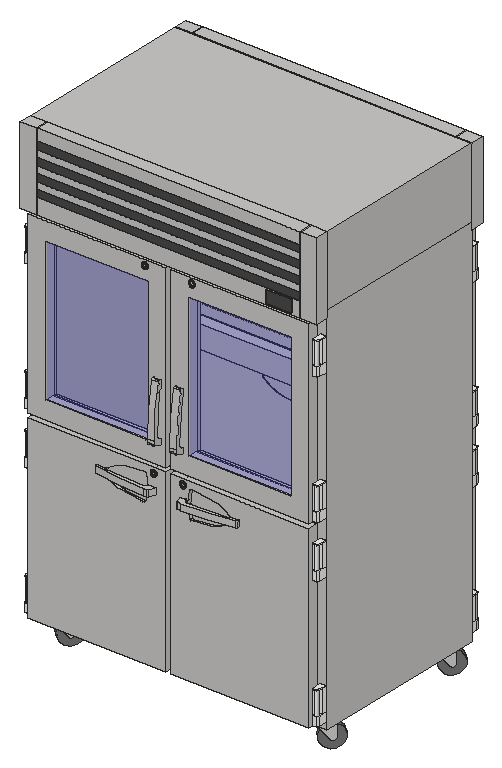
Revit family "QF_Turbo Air_PRO-50R-GSH-PT", category Specialty Equipment, Revit 2014 (continued)
Definition of nested family "QF_Turbo Air_RI-Solid Door"
  Dimensions and locks (in)
    locked: Extrusion 8 sketch curve to plane 9 "Hinge Right" at 0.31243
    locked: Extrusion 10 sketch curve to plane 9 "Hinge Right" at 0.12202
    locked: Extrusion 10 sketch curve to plane 9 "Hinge Right" at 0.16369
    locked: Extrusion 11 sketch curve to plane 9 "Hinge Right" at 0.12202
    locked: Extrusion 11 sketch curve to plane 9 "Hinge Right" at 0.1875
    locked: Extrusion 11 sketch curve to plane 9 "Hinge Right" at 0.31243
    locked: plane 6 "Door Right" to Extrusion 9 sketch curve at 0.59375
    locked: plane 20 "Hinges Front" to Extrusion 9 sketch curve at 0.625
    locked: Extrusion 12 sketch curve to plane 9 "Hinge Right" at 0.12202
    locked: Extrusion 12 sketch curve to plane 9 "Hinge Right" at 0.1875
    locked: Extrusion 12 sketch curve to plane 9 "Hinge Right" at 0.31243
    locked: Extrusion 14 sketch curve to plane 9 "Hinge Right" at 0.12202
    locked: Extrusion 14 sketch curve to plane 9 "Hinge Right" at 0.16369
    locked: Extrusion 15 sketch curve to plane 9 "Hinge Right" at 0.12202
    locked: Extrusion 15 sketch curve to plane 9 "Hinge Right" at 0.1875
    locked: Extrusion 15 sketch curve to plane 9 "Hinge Right" at 0.31243
    locked: plane 20 "Hinges Front" to Extrusion 13 sketch curve at 0.625
    locked: plane 6 "Door Right" to Extrusion 13 sketch curve at 0.59375
    locked: plane 7 "TOP" to Extrusion 16 sketch curve at 0.9375  (x2)
    locked: Extrusion 16 sketch curve to plane 3 "LEFT" at 2.1875  (x2)
    aligned and locked: level to plane 2
    aligned and locked: Extrusion 1 sketch curve to plane 7 "TOP"
    aligned and locked: plane 3 "LEFT" to Extrusion 1 sketch curve
    aligned and locked: level to Extrusion 1 sketch curve
    aligned and locked: Extrusion 1 sketch curve to plane 6 "Door Right"
    aligned and locked: plane 4 "Door Front" to Extrusion 1
    aligned and locked: plane 8 "Handle Elevation" to Extrusion 1 sketch curve
    aligned and locked: Extrusion 2 sketch curve to Extrusion 1  (x9)
    aligned and locked: plane 20 "Hinges Front" to Extrusion 4 sketch curve
    aligned and locked: plane 19 to Extrusion 4
    aligned and locked: Extrusion 5 to plane 19
    aligned and locked: Extrusion 5 sketch curve to plane 6 "Door Right"
    aligned and locked: plane 20 "Hinges Front" to Extrusion 5 sketch curve
    aligned and locked: Extrusion 6 to plane 19
    aligned and locked: plane 16 to Extrusion 8
    aligned and locked: Extrusion 10 to plane 16
    aligned and locked: Extrusion 9 to plane 16
    aligned and locked: Extrusion 9 sketch curve to plane 6 "Door Right"
    aligned and locked: plane 20 "Hinges Front" to Extrusion 9 sketch curve
    aligned and locked: plane 20 "Hinges Front" to Extrusion 11 sketch curve
    aligned and locked: plane 20 "Hinges Front" to Extrusion 8 sketch curve
    aligned and locked: plane 12 to Extrusion 12
    aligned and locked: Extrusion 14 to plane 12
    aligned and locked: Extrusion 13 to plane 12
    aligned and locked: plane 20 "Hinges Front" to Extrusion 12 sketch curve
    aligned and locked: plane 20 "Hinges Front" to Extrusion 15 sketch curve
    aligned and locked: Extrusion 13 sketch curve to plane 6 "Door Right"
    aligned and locked: plane 20 "Hinges Front" to Extrusion 13 sketch curve
    aligned and locked: plane 4 "Door Front" to cut or joined group of Extrusion 1, Extrusion 16
    aligned and locked: Extrusion 17 sketch curve to cut or joined group of Extrusion 1, Extrusion 16  (x4)
    aligned and locked: plane 4 "Door Front" to Extrusion 17
    aligned and locked: plane 1 "Door Back" to curve 1
    aligned and locked: plane 3 "LEFT" to curve 2
    aligned and locked: curve 3 to plane 4 "Door Front"
    aligned and locked: curve 4 to plane 6 "Door Right"
    aligned and locked: curve 6 to Extrusion 15
    aligned and locked: curve 7 to Extrusion 15
    aligned and locked: curve 8 to Extrusion 15
    aligned and locked: curve 9 to Extrusion 15
    aligned and locked: curve 10 to Extrusion 15
    aligned and locked: curve 11 to Extrusion 3
    aligned and locked: curve 12 to Extrusion 3
    aligned and locked: curve 15 to Extrusion 3
    aligned and locked: curve 16 to Extrusion 3
    aligned and locked: curve 17 to Extrusion 3
    aligned and locked: curve 18 to Extrusion 3
    aligned and locked: curve 19 to Extrusion 3
    aligned and locked: curve 20 to Extrusion 3
    aligned and locked: curve 21 to Extrusion 3
    aligned and locked: Extrusion 4 sketch curve to plane 21 "Hinges Back"
    aligned and locked: plane 21 "Hinges Back" to Extrusion 6 sketch curve
    aligned and locked: Extrusion 7 sketch curve to plane 21 "Hinges Back"
    aligned and locked: Extrusion 8 sketch curve to plane 21 "Hinges Back"
    aligned and locked: plane 21 "Hinges Back" to Extrusion 10 sketch curve
    aligned and locked: Extrusion 11 sketch curve to plane 21 "Hinges Back"
    aligned and locked: Extrusion 12 sketch curve to plane 21 "Hinges Back"
    aligned and locked: plane 21 "Hinges Back" to Extrusion 14 sketch curve
    aligned and locked: Extrusion 15 sketch curve to plane 21 "Hinges Back"
  Automatic sketch dimensions
    plane 3 "LEFT" to Extrusion 1 sketch curve = 0' - 3.525"  (x2)
    plane 3 "LEFT" to Extrusion 1 sketch curve = 0' - 3.76769"  (x2)
    Extrusion 1 sketch curve to Extrusion 1 sketch curve = 0' - 2.02671"  (x2)
    Extrusion 1 sketch curve to Extrusion 1 sketch curve = 0' - 6.00177"
    Extrusion 1 sketch curve to Extrusion 1 sketch curve = 0' - 0.60553"
    Extrusion 1 sketch curve to Extrusion 1 sketch curve = 0' - 0"  (x7)
    Extrusion 1 sketch curve to Extrusion 1 sketch curve = 0' - 0.70519"
    plane 8 "Handle Elevation" to Extrusion 1 sketch curve = 0' - 0 1/2"
    plane 5 "Handle Front" to Extrusion 3 sketch curve = 0' - 0"
    plane 4 "Door Front" to Extrusion 3 sketch curve = 0' - 0"  (x2)
    Extrusion 3 sketch curve to plane 5 "Handle Front" = 0' - 0.12956"
    Extrusion 3 sketch curve to Extrusion 3 sketch curve = 0' - 0.05794"
    Extrusion 3 sketch curve to plane 5 "Handle Front" = 0' - 0.65095"
    Extrusion 3 sketch curve to Extrusion 3 sketch curve = 0' - 0.09657"
    plane 4 "Door Front" to Extrusion 3 sketch curve = 0' - 0.28505"
    plane 4 "Door Front" to Extrusion 3 sketch curve = 0' - 0.08987"
    plane 3 "LEFT" to Extrusion 3 sketch curve = 0' - 3.55577"
    Extrusion 3 sketch curve to Extrusion 3 sketch curve = 0' - 0.05487"
    Extrusion 3 sketch curve to Extrusion 3 sketch curve = 0' - 0.65261"
    plane 3 "LEFT" to Extrusion 3 sketch curve = 0' - 10.44723"
    Extrusion 3 sketch curve to Extrusion 3 sketch curve = 0' - 0 3/16"  (x2)
    Extrusion 3 sketch curve to Extrusion 3 sketch curve = 0' - 1 3/16"
    plane 3 "LEFT" to Extrusion 3 sketch curve = 0' - 3.31795"
    Extrusion 3 sketch curve to Extrusion 3 sketch curve = 0' - 0.16072"
    Extrusion 3 sketch curve to Extrusion 3 sketch curve = 0' - 0.37763"
    Extrusion 3 sketch curve to Extrusion 3 sketch curve = 0' - 0.3975"
    Extrusion 3 sketch curve to Extrusion 3 sketch curve = 0' - 0.61377"
    Extrusion 3 sketch curve to Extrusion 3 sketch curve = 0' - 1"
    Extrusion 3 sketch curve to Extrusion 3 sketch curve = 0' - 0"
    Extrusion 4 sketch curve to plane 20 "Hinges Front" = 0' - 0 7/16"  (x2)
    plane 1 "Door Back" to Extrusion 6 sketch curve = 0' - 0 1/4"
    plane 20 "Hinges Front" to Extrusion 7 sketch curve = 0' - 0"
    Extrusion 7 sketch curve to plane 20 "Hinges Front" = 0' - 0 7/16"  (x2)
    Extrusion 8 sketch curve to plane 20 "Hinges Front" = 0' - 0 7/16"  (x2)
    Extrusion 11 sketch curve to plane 20 "Hinges Front" = 0' - 0 7/16"  (x2)
    Extrusion 12 sketch curve to plane 20 "Hinges Front" = 0' - 0 7/16"  (x2)
    Extrusion 15 sketch curve to plane 20 "Hinges Front" = 0' - 0 7/16"  (x2)
    curve 12 to curve 12 = 0' - 0.05794"
    curve 18 to curve 17 = 0' - 0.09088"
    Extrusion 3 sketch curve to plane 21 "Hinges Back" = 3' - 1.37033"
    plane 1 "Door Back" to Extrusion 10 sketch curve = 0' - 0 1/4"
    plane 1 "Door Back" to Extrusion 14 sketch curve = 0' - 0 1/4"
    plane 21 "Hinges Back" to curve 5 = 0' - 0"
    radius of Extrusion 16 sketch curve = 0' - 0 9/16"
    radius of Extrusion 16 sketch curve = 0' - 0 5/16"
Definition of nested family "QF_Turbo Air_RI-Half Glass Door"
  Parameters (values of type "QF_Turbo Air_RI-Half Glass Door")
    Width [instance] = 2' - 4 3/4"
    Watermarked By = ""
    Symbolic Lines Handle [instance] = yes
    Symbolic Line [instance] = yes
    Height [instance] = 2' - 7 1/4"
  Reference planes (in)
    plane 1 "Door Back": y = 0
    plane 2: z = 0
    plane 3 "LEFT": x = -16.56573
    plane 4 "Door Front": y = -1.75
    plane 5 "RIGHT": x = 12.18427
    plane 6 "TOP": z = 31.25
    plane 7: x = -13.44073
    plane 8: x = 9.05927
    plane 9: z = 28.125
    plane 10: z = 3.125
    plane 11 "Handle CL": x = -15.00323
    plane 12 "Hinge Right": x = 13.4379
    plane 13 "Bottom Hinge Top": z = 6.00894
    plane 14 "Bottom Hinge Bottom": z = 0.25894
    plane 15: z = 1.88394
    plane 16 "BACK": y = 0.625
    plane 17: z = 28.75
    plane 18: z = 23
    plane 19: z = 24.625
  Forms (in)
    Extrusion 1, solid, material "QF_Stainless-Polished"
      sketch origin (0, 0, 0) x (1, 0, 0) y (0, 0, 1)
        loop
          line (-16.56573, 31.25) -> (-16.56573, 0) -> (12.18427, 0) -> (12.18427, 31.25) -> (-16.56573, 31.25)
        loop
          line (-13.44073, 28.125) -> (-13.44073, 3.125) -> (9.05927, 3.125) -> (9.05927, 28.125) -> (-13.44073, 28.125)
      from 0 to 1.75
    Extrusion 2, solid, material "QF_Glass-Cast-Clear"
      sketch origin (0, 0, 0) x (1, 0, 0) y (0, 0, 1)
        loop
          line (-13.44073, 28.125) -> (-13.44073, 3.125) -> (9.05927, 3.125) -> (9.05927, 28.125) -> (-13.44073, 28.125)
      from 0.25 to 1.5
    Extrusion 3, solid, material "QF_Stainless-Polished"
      sketch origin (-15.00323, 1.89763, 8.25) x (0, 1, 0) y (0, 0, 1)
        loop
          line (-3.64763, -5.125) -> (-3.64763, -4.125) -> (-4.30918, -3.7275)
          arc (-4.30918, -3.7275) -> (-4.37477, -3.66091) -> (-4.40006, -3.57092) r 0.1875
          arc (-4.40006, -3.57092) -> (-4.32015, 0.02086) -> (-3.92274, 3.59147) r 40.5625
          arc (-3.92274, 3.59147) -> (-3.85941, 3.70496) -> (-3.7375, 3.75) r 0.1875
          line (-3.7375, 3.75) -> (-3.64763, 3.75) -> (-3.64763, 5.125) -> (-3.93268, 5.125)
          arc (-3.93268, 5.125) -> (-4.0511, 5.08287) -> (-4.11631, 4.97542) r 0.1875
          arc (-4.11631, 4.97542) -> (-4.78246, 0.53653) -> (-4.96013, -3.94854) r 41.0625
          line (-4.96013, -3.94854) -> (-4.96013, -4.56232)
          arc (-4.96013, -4.56232) -> (-4.92432, -4.67253) -> (-4.83057, -4.74064) r 0.1875
          line (-4.83057, -4.74064) -> (-3.64763, -5.125)
      from -0.5625 to 0.5625
    Extrusion 4, void
      sketch origin (0, 0, 0) x (1, 0, 0) y (0, 0, 1)
        loop
          circle (-12.81573, 30.3125) r 0.5625
        loop
          circle (-12.81573, 30.3125) r 0.3125
      from 0 to 1.75
    Extrusion 5, solid, material "QF_Plastic-Black-Fine Textured"
      sketch origin (0, 0, 0) x (1, 0, 0) y (0, 0, 1)
        loop
          circle (-12.81573, 30.3125) r 0.5625
        loop
          circle (-12.81573, 30.3125) r 0.3125
      from 0 to 1.75
    Extrusion 6, solid, material "QF_Steel-Chrome Plated"
      sketch origin (0, 0, 0.25894) x (0, 1, 0) y (-1, 0, 0)
        loop
          line (0.625, -13.31588) -> (0.625, -12.24743) -> (-0.75, -12.3129) -> (-1.1875, -12.43783) -> (-1.1875, -13.12548) -> (-0.75, -13.2504) -> (0.625, -13.31588)
      from 0 to 1.625
    Extrusion 7, solid, material "QF_Steel-Chrome Plated"
      sketch origin (0, 0, 6.00894) x (0, 1, 0) y (-1, 0, 0)
        loop
          line (-0.5625, -12.1879) -> (-1.1875, -12.1879) -> (-1.1875, -12.78165)
          arc (-1.1875, -12.78165) -> (-0.875, -13.09415) -> (-0.5625, -12.78165) r 0.3125
          line (-0.5625, -12.78165) -> (-0.5625, -12.1879)
      from -0.125 to -4.125
    Extrusion 8, solid, material "QF_Steel-Chrome Plated"
      sketch origin (0, 0, 6.00894) x (0, 1, 0) y (-1, 0, 0)
        loop
          line (0.625, -12.24743) -> (-0.25, -12.2891) -> (-0.25, -13.27421) -> (0.625, -13.31588) -> (0.625, -12.24743)
      from -0.125 to -4.125
    Extrusion 9, solid, material "QF_Steel-Chrome Plated"
      sketch origin (0, 0, 6.00894) x (0, 1, 0) y (-1, 0, 0)
        loop
          line (0.625, -13.31588) -> (0.625, -12.24743) -> (-0.75, -12.3129) -> (-1.1875, -12.43783) -> (-1.1875, -13.12548) -> (-0.75, -13.2504) -> (0.625, -13.31588)
      from 0 to -0.125
    Extrusion 10, solid, material "QF_Steel-Chrome Plated"
      sketch origin (-237.49637, 20.99197, 23) x (0, 1, 0) y (-1, 0, 0)
        loop
          line (-20.36697, -250.81225) -> (-20.36697, -249.7438) -> (-21.74197, -249.80927) -> (-22.17947, -249.9342) -> (-22.17947, -250.62185) -> (-21.74197, -250.74677) -> (-20.36697, -250.81225)
      from 0 to 1.625
    Extrusion 11, solid, material "QF_Steel-Chrome Plated"
      sketch origin (-237.49637, 20.99197, 28.75) x (0, 1, 0) y (-1, 0, 0)
        loop
          line (-21.55447, -249.68427) -> (-22.17947, -249.68427) -> (-22.17947, -250.27802)
          arc (-22.17947, -250.27802) -> (-21.86697, -250.59052) -> (-21.55447, -250.27802) r 0.3125
          line (-21.55447, -250.27802) -> (-21.55447, -249.68427)
      from -0.125 to -4.125
    Extrusion 12, solid, material "QF_Steel-Chrome Plated"
      sketch origin (-237.49637, 20.99197, 28.75) x (0, 1, 0) y (-1, 0, 0)
        loop
          line (-20.36697, -249.7438) -> (-21.24197, -249.78547) -> (-21.24197, -250.77058) -> (-20.36697, -250.81225) -> (-20.36697, -249.7438)
      from -0.125 to -4.125
    Extrusion 13, solid, material "QF_Steel-Chrome Plated"
      sketch origin (-237.49637, 20.99197, 28.75) x (0, 1, 0) y (-1, 0, 0)
        loop
          line (-20.36697, -250.81225) -> (-20.36697, -249.7438) -> (-21.74197, -249.80927) -> (-22.17947, -249.9342) -> (-22.17947, -250.62185) -> (-21.74197, -250.74677) -> (-20.36697, -250.81225)
      from 0 to -0.125
  Cuts and joins
    Extrusion 4 cuts Extrusion 1
  Lines and regions (in)
    symbolic lines, visible <- "Symbolic Line"
      curve 1: line (-16.56573, 0, 0) -> (12.18427, 0, 0)
      curve 2: line (-16.56573, -1.75, 0) -> (-16.56573, 0, 0)
      curve 3: line (12.18427, -1.75, 0) -> (-16.56573, -1.75, 0)
      curve 4: line (12.18427, 0, 0) -> (12.18427, -1.75, 0)
    symbolic lines, visible <- "Symbolic Lines Handle"
      curve 5: line (-15.56573, -1.75, 0) -> (-15.56573, -3.06717, 0)
      curve 6: line (-15.56573, -3.06717, 0) -> (-14.44073, -3.06717, 0)
      curve 7: line (-14.44073, -3.06717, 0) -> (-14.44073, -1.75, 0)
  Dimensions and locks (in)
    locked: plane 4 "Door Front" to plane 1 "Door Back" at 1.75
    "Width": plane 5 "RIGHT" to plane 3 "LEFT"
    "Height": plane 6 "TOP" to plane 2
    locked: plane 3 "LEFT" to plane 7 at 3.125
    locked: plane 8 to plane 5 "RIGHT" at 3.125
    locked: plane 10 to level at 3.125
    locked: plane 6 "TOP" to plane 9 at 3.125
    equal spacing: plane 3 "LEFT", plane 11 "Handle CL", plane 7
    locked: Extrusion 4 sketch curve to plane 3 "LEFT" at 3.75  (x2)
    locked: plane 6 "TOP" to Extrusion 4 sketch curve at 0.9375  (x2)
    locked: plane 13 "Bottom Hinge Top" to plane 14 "Bottom Hinge Bottom" at 5.75
    locked: plane 15 to plane 14 "Bottom Hinge Bottom" at 1.625
    locked: Extrusion 6 sketch curve to Extrusion 6 sketch curve at 1.06845
    locked: Extrusion 6 sketch curve to Extrusion 6 sketch curve at 0.9375
    locked: Extrusion 6 sketch curve to plane 12 "Hinge Right" at 0.1875
    locked: Extrusion 6 sketch curve to Extrusion 6 sketch curve at 0.68764
    locked: Extrusion 6 sketch curve to plane 12 "Hinge Right" at 0.31243
    locked: Extrusion 8 sketch curve to Extrusion 8 sketch curve at 1.06845
    locked: Extrusion 8 sketch curve to plane 12 "Hinge Right" at 0.12202
    locked: Extrusion 8 sketch curve to Extrusion 8 sketch curve at 0.98512
    locked: Extrusion 8 sketch curve to plane 12 "Hinge Right" at 0.16369
    locked: Extrusion 9 sketch curve to Extrusion 9 sketch curve at 1.06845
    locked: Extrusion 9 sketch curve to Extrusion 9 sketch curve at 0.9375
    locked: Extrusion 9 sketch curve to Extrusion 9 sketch curve at 0.68764
    locked: Extrusion 9 sketch curve to plane 12 "Hinge Right" at 0.12202
    locked: Extrusion 9 sketch curve to plane 12 "Hinge Right" at 0.1875
    locked: Extrusion 9 sketch curve to plane 12 "Hinge Right" at 0.31243
    locked: plane 1 "Door Back" to plane 16 "BACK" at 0.625
    locked: plane 17 to plane 18 at 5.75
    locked: plane 19 to plane 18 at 1.625
    locked: plane 6 "TOP" to plane 17 at 2.5
    locked: Extrusion 10 sketch curve to Extrusion 10 sketch curve at 1.06845
    locked: Extrusion 10 sketch curve to Extrusion 10 sketch curve at 0.9375
    locked: Extrusion 10 sketch curve to Extrusion 10 sketch curve at 0.68764
    locked: Extrusion 12 sketch curve to Extrusion 12 sketch curve at 1.06845
    locked: Extrusion 12 sketch curve to Extrusion 12 sketch curve at 0.98512
    locked: Extrusion 13 sketch curve to Extrusion 13 sketch curve at 1.06845
    locked: Extrusion 13 sketch curve to Extrusion 13 sketch curve at 0.9375
    locked: Extrusion 13 sketch curve to Extrusion 13 sketch curve at 0.68764
    locked: Extrusion 6 sketch curve to plane 12 "Hinge Right" at 0.12202
    locked: plane 5 "RIGHT" to plane 12 "Hinge Right" at 1.25363
    aligned and locked: level to plane 2
    aligned and locked: Extrusion 1 sketch curve to plane 6 "TOP"
    aligned and locked: plane 3 "LEFT" to Extrusion 1 sketch curve
    aligned and locked: level to Extrusion 1 sketch curve
    aligned and locked: Extrusion 1 sketch curve to plane 5 "RIGHT"
    aligned and locked: Extrusion 1 sketch curve to plane 9
    aligned and locked: plane 7 to Extrusion 1 sketch curve
    aligned and locked: plane 10 to Extrusion 1 sketch curve
    aligned and locked: Extrusion 1 sketch curve to plane 8
    aligned and locked: plane 4 "Door Front" to Extrusion 1
    aligned and locked: Extrusion 2 sketch curve to plane 9
    aligned and locked: plane 7 to Extrusion 2 sketch curve
    aligned and locked: plane 10 to Extrusion 2 sketch curve
    aligned and locked: Extrusion 2 sketch curve to plane 8
    aligned and locked: plane 1 "Door Back" to curve 1
    aligned and locked: plane 3 "LEFT" to curve 2
    aligned and locked: curve 3 to plane 4 "Door Front"
    aligned and locked: curve 4 to plane 5 "RIGHT"
    aligned and locked: plane 4 "Door Front" to Extrusion 4
    aligned and locked: Extrusion 5 sketch curve to cut or joined group of Extrusion 1, Extrusion 4  (x4)
    aligned and locked: plane 4 "Door Front" to Extrusion 5
    aligned and locked: plane 15 to Extrusion 6
    aligned and locked: Extrusion 7 to plane 15
    aligned and locked: Extrusion 8 to plane 15
    aligned and locked: plane 19 to Extrusion 10
    aligned and locked: Extrusion 12 to plane 19
    aligned and locked: Extrusion 11 to plane 19
  Automatic sketch dimensions
    curve 6 to plane 11 "Handle CL" = 0' - 0 9/16"
    plane 11 "Handle CL" to curve 7 = 0' - 0 9/16"
    plane 4 "Door Front" to curve 5 = 0' - 1.31717"
    Extrusion 3 sketch curve to plane 4 "Door Front" = 0' - 0"  (x2)
    Extrusion 3 sketch curve to plane 10 = 0' - 0"
    plane 4 "Door Front" to Extrusion 3 sketch curve = 0' - 0.08987"
    plane 4 "Door Front" to Extrusion 3 sketch curve = 0' - 0.28505"
    plane 4 "Door Front" to Extrusion 3 sketch curve = 0' - 0.56498"
    Extrusion 3 sketch curve to Extrusion 3 sketch curve = 0' - 0.09657"
    Extrusion 3 sketch curve to Extrusion 3 sketch curve = 0' - 0.46345"
    plane 10 to Extrusion 3 sketch curve = 0' - 0.38436"
    Extrusion 3 sketch curve to Extrusion 3 sketch curve = 0' - 0.05794"
    Extrusion 3 sketch curve to Extrusion 3 sketch curve = 0' - 0 3/16"  (x3)
    Extrusion 3 sketch curve to plane 13 "Bottom Hinge Top" = 0' - 1.0879"
    Extrusion 3 sketch curve to plane 16 "BACK" = 3' - 1.37033"
    Extrusion 3 sketch curve to plane 13 "Bottom Hinge Top" = 0' - 0.43528"
    Extrusion 3 sketch curve to Extrusion 3 sketch curve = 0' - 0.05487"
    Extrusion 3 sketch curve to Extrusion 3 sketch curve = 0' - 1"
    Extrusion 3 sketch curve to Extrusion 3 sketch curve = 0' - 0.61377"
    Extrusion 3 sketch curve to Extrusion 3 sketch curve = 0' - 0.22104"
    Extrusion 3 sketch curve to Extrusion 3 sketch curve = 0' - 0.16072"
    plane 13 "Bottom Hinge Top" to Extrusion 3 sketch curve = 0' - 5.80357"
    Extrusion 3 sketch curve to Extrusion 3 sketch curve = 0' - 1 3/16"
    Extrusion 3 sketch curve to Extrusion 3 sketch curve = 0' - 0"
    plane 16 "BACK" to Extrusion 6 sketch curve = 0' - 0"
    plane 1 "Door Back" to Extrusion 6 sketch curve = 0' - 0 3/4"  (x2)
    Extrusion 6 sketch curve to Extrusion 6 sketch curve = 0' - 0 7/16"
    plane 5 "RIGHT" to Extrusion 7 sketch curve = 0' - 0.00363"
    Extrusion 7 sketch curve to plane 4 "Door Front" = 0' - 0 9/16"
    Extrusion 7 sketch curve to Extrusion 7 sketch curve = 0' - 0 5/16"
    Extrusion 7 sketch curve to Extrusion 7 sketch curve = 0' - 0 19/32"
    plane 16 "BACK" to Extrusion 8 sketch curve = 0' - 0"
    plane 1 "Door Back" to Extrusion 8 sketch curve = 0' - 0 1/4"
    plane 16 "BACK" to Extrusion 9 sketch curve = 0' - 0"
    plane 1 "Door Back" to Extrusion 9 sketch curve = 0' - 0 3/4"  (x2)
    Extrusion 9 sketch curve to Extrusion 9 sketch curve = 0' - 0 7/16"
    plane 16 "BACK" to Extrusion 10 sketch curve = 0' - 0"
    Extrusion 10 sketch curve to plane 12 "Hinge Right" = 0' - 0 3/16"
    plane 1 "Door Back" to Extrusion 10 sketch curve = 0' - 0 3/4"  (x2)
    Extrusion 10 sketch curve to Extrusion 10 sketch curve = 0' - 0 7/16"
    Extrusion 10 sketch curve to plane 12 "Hinge Right" = 0' - 0.12202"
    Extrusion 10 sketch curve to plane 12 "Hinge Right" = 0' - 0.31243"
    plane 5 "RIGHT" to Extrusion 11 sketch curve = 0' - 0.00363"
    Extrusion 11 sketch curve to plane 4 "Door Front" = 0' - 0 9/16"
    Extrusion 11 sketch curve to Extrusion 11 sketch curve = 0' - 0 5/16"
    Extrusion 11 sketch curve to Extrusion 11 sketch curve = 0' - 0 19/32"
    plane 16 "BACK" to Extrusion 12 sketch curve = 0' - 0"
    plane 1 "Door Back" to Extrusion 12 sketch curve = 0' - 0 1/4"
    Extrusion 12 sketch curve to plane 12 "Hinge Right" = 0' - 0.12202"
    Extrusion 12 sketch curve to plane 12 "Hinge Right" = 0' - 0.16369"
    plane 16 "BACK" to Extrusion 13 sketch curve = 0' - 0"
    Extrusion 13 sketch curve to plane 12 "Hinge Right" = 0' - 0 3/16"
    plane 1 "Door Back" to Extrusion 13 sketch curve = 0' - 0 3/4"  (x2)
    Extrusion 13 sketch curve to Extrusion 13 sketch curve = 0' - 0 7/16"
    Extrusion 13 sketch curve to plane 12 "Hinge Right" = 0' - 0.12202"
    Extrusion 13 sketch curve to plane 12 "Hinge Right" = 0' - 0.31243"
    radius of Extrusion 4 sketch curve = 0' - 0 9/16"
    radius of Extrusion 4 sketch curve = 0' - 0 5/16"
